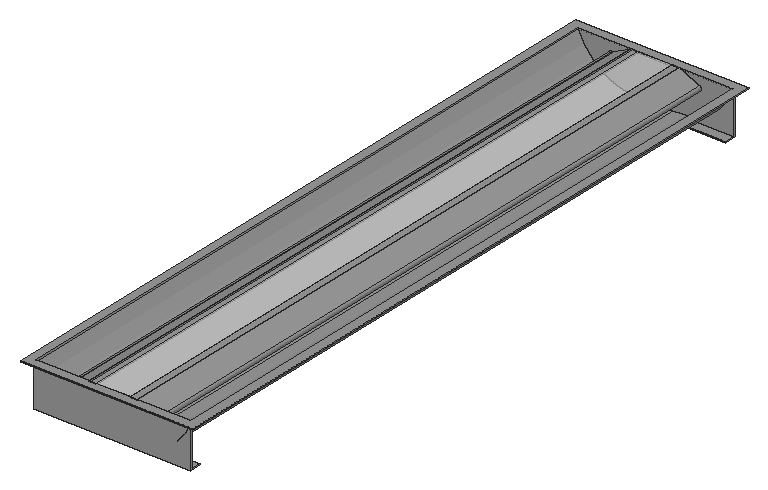
Revit family "0044288_recessed", category Lighting Fixtures, host Face, Revit 2018
Family settings
  Host = Face
  Round Connector Dimension = Use Diameter
  Part Type = Normal
  OmniClass Number = 23.80.70.11.17
  OmniClass Title = Specialized Lighting by Location or Use
  Cut with Voids When Loaded = No
  Light Source = Yes
  Shared = No
  Room Calculation Point = No
Parameters (values of type "0044288 RUBICO LED 1200 HE 4K DALI")
  Width = 1196.0 mm
  Weight = 4.6 kg
  Wattage Comments = ""
  Wattage = 23.6608 W
  built-in parameter 1150110 = 1 (stored number, unit not read)
  Voltage Comments = "UNI ( Universal Voltage; 230-240 Volt )"  # constant formula
  Voltage = 230 V  # constant formula
  URL = ""
  built-in parameter 1114217 = 1 (stored number, unit not read)
  Tilt Angle = -90.00°
  built-in parameter 1150109 = 1 (stored number, unit not read)
  built-in parameter 1150134 = (empty or 0)
  built-in parameter 1150113 = 1 (stored number, unit not read)
  Reflector Material = Steel_Sylvania_Rubico LED_White_RAL 9016
  Product Page URL = "http://www.sylvania-lighting.com/product/en-int/products/0044336"
  Product Family = "RUBICO LED - DALI DIMMABLE & EMERGENCY 3 HOUR"  # constant formula
  Photometry Comments = ""
  Photometric Web File = "0044288.ies"
  Life = "50 000h"  # constant formula
  Length = 296.0 mm
  LOR = "1"
  IP Rating = "IP20"  # constant formula
  IK Rating = "IK07"  # constant formula
  Housing Material = Steel_Sylvania_Rubico LED_White_RAL 9016
  Height = 75.0 mm
  Glow Wire Test = 850 °C  # constant formula
  Glare Control = "19>"  # constant formula
  Energy Class = "A++, A+, A"  # constant formula
  Emit from Rectangle Width = Cutout Length - 4.0 mm  # 266.0 mm
  Emit from Rectangle Length = Cutout Width - 4.0 mm  # 1166.0 mm
  Emit Shape Visible in Rendering = no
  Electrical Protection = "CLASS1"  # constant formula
  Drive Current = "700mA"  # constant formula
  Diffuser Width = Length - 236.0 mm  # 60.0 mm
  Diffuser 2 Material = Polycarbonate_Sylvania_Rubico LED_Clear
  Diffuser 1 Material = Steel_Sylvania_Rubico LED_White_RAL 9016
  Cutout Width = Width - 26.0 mm  # 1170.0 mm
  Cutout Length = Length - 26.0 mm  # 270.0 mm
  built-in parameter 1114216 [instance] = 1 (stored number, unit not read)
  Model = "RUBICO LED 1200x300 HE 4K DALI"
  Manufacturer = ""
  built-in parameter 1150105 = 152.44 (stored number, unit not read)
  Lumens = 1915.58 lm
  built-in parameter 1150115 = 1 (stored number, unit not read)
  built-in parameter 1150137 = (empty or 0)
  built-in parameter 1150139 = (empty or 0)
  built-in parameter 1150112 = 1 (stored number, unit not read)
  built-in parameter 1150114 = 1 (stored number, unit not read)
  Lamp = "n/a"
  built-in parameter 1150132 = 2
  built-in parameter 1150102 = (empty or 0)
  built-in parameter 1150107 = (empty or 0)
  built-in parameter 1150138 = (empty or 0)
  built-in parameter 1150106 = 1.5244 (stored number, unit not read)
  built-in parameter 1150104 = 7.5214 (stored number, unit not read)
  Dimming Lamp Color Temperature Shift = <None>
  Description = "Direct and Indirect light distribution. 31W - 46W LED recessed luminaire. Rubico LED Gen 2 is perfect for Office circulation areas, Corridors . Available with Micro Prismatic Optic (MPO) with satin side diffuser. Available in recessed (600x600 and 1200x300) . Rubico LED Gen 2 delivers high output up to 3,656lm (luminaire lumen output on 4,000K version). Rana LED delivers high efficiency up to 84lm/W (total system efficiency). Available in warm white (3,000K) and neutral white (4,000K). Energy efficient electronic gear including DALI and 3 hour emergency versions as standard. Long lifetime: 50,000 hours life at 70% of the original output L70. Less maintenance is required due to the long lifetime of 50,000hrs. Energy Class: A++, A+, A. LED technology provides an energy efficient solution with reduced maintenance costs. Comes complete with safety cable. Complete with protective film and quick connector for easy installation"  # constant formula
  Default Elevation = 0.0 mm
  Color Filter = 16777215
  Catalog Number = "0044336 RUBICO 300*1200 DALI E3 LED 4000 G2"
  built-in parameter 1140040 [instance] = 1
  CRI(Ra) = ">80"  # constant formula
  Body Material = Steel_Sylvania_Rubico LED_White_RAL 9016
  built-in parameter 1114218 = 1 (stored number, unit not read)
  built-in parameter 1150133 = 10 (stored number, unit not read)
  Assembly Code = "D5020200"
  Apparent Load Comments = ""
  Apparent Load = 0 VA
  Ambient temperature for maximum luminous flux (°C) = "25"  # constant formula
  Accessory Material = Steel_Sylvania_Rubico LED_White_RAL 9016
Reference planes
  plane 1 "Center (Front/Back)": y = 0
  plane 2: z = -5
  plane 3 "Center (Left/Right)": x = -27.322
  plane 4 "Housing Left": x = -162.322
  plane 5 "Housing Right": x = 107.678
  plane 6 "Housing Front": y = 585
  plane 7 "Housing Back": y = -585
  plane 8 "Fixture Right": x = 120.678
  plane 9 "Fixture Left": x = -175.322
  plane 10 "Fixture Front": y = 598
  plane 11 "Fixture Back": y = -598
  plane 12 "Fixture Top": z = -73
  plane 13 "Fixture Bottom": z = 0
  plane 14 "Profile Front": y = 583
  plane 15 "Profile Back": y = -583
  plane 16 "Profile Left": x = -160.322
  plane 17 "Profile Right": x = 105.678
  plane 18 "Diffuser Bottom": z = 0
  plane 19 "Diffuser Top": z = -2
  plane 20 "Accessory Left": x = -67.322
  plane 21 "Accessory Right": x = 12.678
  plane 22 "Diffuser Left": x = -57.322
  plane 23 "Diffuser Right": x = 2.678
  plane 24: z = -75
Forms (mm)
  Extrusion 1, void
    sketch origin (0, 0, 59) x (-1, 0, 0) y (0, -1, 0)
      loop
        line (-107.678, -585) -> (162.322, -585) -> (162.322, 585) -> (-107.678, 585) -> (-107.678, -585)
    from -132 to -61
  Extrusion 2, solid, material "Steel_Sylvania_Rubico LED_White_RAL 9016" <- "Housing Material", detail levels fine
    sketch origin (0, 0, 59) x (-1, 0, 0) y (0, -1, 0)
      loop
        line (175.322, -598) -> (175.322, 598) -> (-120.678, 598) -> (-120.678, -598) -> (175.322, -598)
      loop
        line (162.322, -585) -> (162.322, 585) -> (-107.678, 585) -> (-107.678, -585) -> (162.322, -585)
    from -61 to -59
  Extrusion 3, solid, material "Steel_Sylvania_Rubico LED_White_RAL 9016" <- "Housing Material", detail levels fine
    sketch origin (0, 0, 0) x (1, 0, 0) y (0, 0, 1)
      loop
        line (-57.322, -73) -> (2.678, -73)
        arc (2.678, -73) -> (66.054, -53.584) -> (107.678, -2) r 113.141
        line (107.678, -2) -> (107.678, 0) -> (105.678, 0) -> (105.678, -2)
        arc (105.678, -2) -> (64.666, -52.156) -> (2.678, -71) r 111.377
        line (2.678, -71) -> (-57.322, -71)
        arc (-57.322, -71) -> (-119.31, -52.156) -> (-160.322, -2) r 111.377
        line (-160.322, -2) -> (-160.322, 0) -> (-162.322, 0) -> (-162.322, -2)
        arc (-162.322, -2) -> (-120.698, -53.584) -> (-57.322, -73) r 113.141
    from -583 to 583
  Extrusion 4, solid, material "Steel_Sylvania_Rubico LED_White_RAL 9016" <- "Housing Material", detail levels fine
    sketch origin (0, 0, 0) x (1, 0, 0) y (0, 0, 1)
      loop
        line (107.678, 0) -> (-162.322, 0) -> (-162.322, -73) -> (107.678, -73) -> (107.678, 0)
    from 583 to 585
  Extrusion 5, solid, material "Steel_Sylvania_Rubico LED_White_RAL 9016" <- "Housing Material", detail levels fine
    sketch origin (0, 0, 0) x (1, 0, 0) y (0, 0, 1)
      loop
        line (-162.322, 0) -> (-162.322, -73) -> (107.678, -73) -> (107.678, 0) -> (-162.322, 0)
    from -585 to -583
  Extrusion 6, solid, material "Steel_Sylvania_Rubico LED_White_RAL 9016" <- "Diffuser 1 Material", detail levels fine
    sketch origin (0, 0, 0) x (1, 0, 0) y (0, 0, 1)
      loop
        line (12.678, 0) -> (12.678, -2) -> (14.734, -2) -> (47.833, -17.434)
        arc (47.833, -17.434) -> (49.284, -21.421) -> (45.297, -22.872) r 3
        line (45.297, -22.872) -> (44.452, -24.684)
        arc (44.452, -24.684) -> (51.096, -22.266) -> (48.678, -15.621) r 5
        line (48.678, -15.621) -> (15.178, 0) -> (12.678, 0)
      loop
        line (-67.322, 0) -> (-69.822, 0) -> (-103.322, -15.621)
        arc (-103.322, -15.621) -> (-105.741, -22.266) -> (-99.096, -24.684) r 5
        line (-99.096, -24.684) -> (-99.941, -22.872)
        arc (-99.941, -22.872) -> (-103.928, -21.421) -> (-102.477, -17.434) r 3
        line (-102.477, -17.434) -> (-69.379, -2) -> (-67.322, -2) -> (-67.322, 0)
    from -583 to 583
  Extrusion 7, solid, material "Steel_Sylvania_Rubico LED_White_RAL 9016" <- "Accessory Material", detail levels fine
    sketch origin (0, 0, 59) x (-1, 0, 0) y (0, -1, 0)
      loop
        line (57.322, -583) -> (67.322, -583) -> (67.322, 583) -> (57.322, 583) -> (57.322, -583)
      loop
        line (-2.678, -583) -> (-2.678, 583) -> (-12.678, 583) -> (-12.678, -583) -> (-2.678, -583)
    from -61 to -59
  Extrusion 8, solid, material "Polycarbonate_Sylvania_Rubico LED_Clear" <- "Diffuser 2 Material", detail levels fine
    sketch origin (0, 0, 59) x (-1, 0, 0) y (0, -1, 0)
      loop
        line (-2.678, -583) -> (57.322, -583) -> (57.322, 583) -> (-2.678, 583) -> (-2.678, -583)
    from -61 to -59
  Extrusion 9, solid, material "Steel_Sylvania_Rubico LED_White_RAL 9016" <- "Housing Material", detail levels coarse+medium
    sketch origin (0, 0, 59) x (-1, 0, 0) y (0, -1, 0)
      loop
        line (-120.678, -598) -> (175.322, -598) -> (175.322, 598) -> (-120.678, 598) -> (-120.678, -598)
    from -61 to -59
  Extrusion 10, solid, material "Steel_Sylvania_Rubico LED_White_RAL 9016" <- "Housing Material", detail levels coarse+medium
    sketch origin (0, 0, 0) x (1, 0, 0) y (0, 0, 1)
      loop
        line (-162.322, 0) -> (-162.322, -75) -> (107.678, -75) -> (107.678, 0) -> (-162.322, 0)
    from -585 to 585
  Extrusion 11, void
    sketch origin (0, 0, 59) x (-1, 0, 0) y (0, -1, 0)
      loop
        line (175.322, -598) -> (175.322, 598) -> (-120.678, 598) -> (-120.678, -598) -> (175.322, -598)
    from -61 to -59
  Extrusion 12, solid, material "Steel_Sylvania_Rubico LED_White_RAL 9016" <- "Housing Material", detail levels fine
    sketch origin (0, 0, 59) x (-1, 0, 0) y (0, -1, 0)
      loop
        line (162.322, -585) -> (162.322, -565) -> (-107.678, -565) -> (-107.678, -585) -> (162.322, -585)
      loop
        line (162.322, 585) -> (-107.678, 585) -> (-107.678, 565) -> (162.322, 565) -> (162.322, 585)
    from -134 to -132
Cuts and joins
  joined: Extrusion 2, Extrusion 3, Extrusion 4, Extrusion 5, Extrusion 12
  joined: Extrusion 9, Extrusion 10
Dimensions and locks
  equal spacing: plane 6 "Housing Front", plane 1 "Center (Front/Back)", plane 7 "Housing Back"
  equal spacing: plane 4 "Housing Left", plane 3 "Center (Left/Right)", plane 5 "Housing Right"
  "Cutout Length": plane 4 "Housing Left" to plane 5 "Housing Right"
  equal spacing: plane 9 "Fixture Left", plane 3 "Center (Left/Right)", plane 8 "Fixture Right"
  "Length": plane 9 "Fixture Left" to plane 8 "Fixture Right"
  equal spacing: plane 11 "Fixture Back", plane 1 "Center (Front/Back)", plane 10 "Fixture Front"
  "Width": plane 10 "Fixture Front" to plane 11 "Fixture Back"
  locked: plane 15 "Profile Back" to plane 7 "Housing Back" at 2
  locked: plane 14 "Profile Front" to plane 6 "Housing Front" at 2
  locked: plane 17 "Profile Right" to plane 5 "Housing Right" at 2
  locked: plane 4 "Housing Left" to plane 16 "Profile Left" at 2
  "Cutout Width": plane 6 "Housing Front" to plane 7 "Housing Back"
  equal spacing: plane 22 "Diffuser Left", plane 3 "Center (Left/Right)", plane 23 "Diffuser Right"
  "Diffuser Width": plane 22 "Diffuser Left" to plane 23 "Diffuser Right"
  plane 18 "Diffuser Bottom" to plane 19 "Diffuser Top" to plane 2 = 2.0 mm locked, 3.0 mm locked
  locked: Extrusion 6 sketch curve to Extrusion 6 sketch curve at 2  (x2)
  Extrusion 6 sketch curve to Extrusion 6 sketch curve to plane 20 "Accessory Left" = 33.5 mm locked, 2.5 mm locked
  Extrusion 6 sketch curve to Extrusion 6 sketch curve to plane 21 "Accessory Right" = 33.5 mm locked, 2.5 mm locked
  locked: plane 23 "Diffuser Right" to plane 21 "Accessory Right" at 10
  locked: plane 20 "Accessory Left" to plane 22 "Diffuser Left" at 10
  "Height": plane 18 "Diffuser Bottom" to plane 24
  locked: plane 6 "Housing Front" to Extrusion 12 sketch curve at 20
  locked: Extrusion 12 sketch curve to plane 7 "Housing Back" at 20
  locked: plane 12 "Fixture Top" to plane 24 at 2
  locked: Extrusion 3 sketch curve to plane 24 at 73  (x4)
  aligned and locked: host face to level
  aligned and locked: plane 6 "Housing Front" to Extrusion 1 sketch curve
  aligned and locked: plane 5 "Housing Right" to Extrusion 1 sketch curve
  aligned and locked: Extrusion 1 sketch curve to plane 7 "Housing Back"
  aligned and locked: Extrusion 1 sketch curve to plane 4 "Housing Left"
  aligned and locked: Extrusion 1 to plane 12 "Fixture Top"
  aligned and locked: Extrusion 2 sketch curve to plane 10 "Fixture Front"
  aligned and locked: plane 9 "Fixture Left" to Extrusion 2 sketch curve
  aligned and locked: Extrusion 2 sketch curve to plane 11 "Fixture Back"
  aligned and locked: Extrusion 2 sketch curve to plane 8 "Fixture Right"
  aligned and locked: plane 13 "Fixture Bottom" to Extrusion 2
  aligned and locked: plane 13 "Fixture Bottom" to Extrusion 4 sketch curve
  aligned and locked: Extrusion 4 to plane 7 "Housing Back"
  aligned and locked: Extrusion 4 to plane 15 "Profile Back"
  aligned and locked: Extrusion 5 sketch curve to plane 13 "Fixture Bottom"
  aligned and locked: plane 6 "Housing Front" to Extrusion 5
  aligned and locked: plane 14 "Profile Front" to Extrusion 5
  aligned and locked: Extrusion 7 sketch curve to plane 14 "Profile Front"
  aligned and locked: plane 22 "Diffuser Left" to Extrusion 7 sketch curve
  aligned and locked: Extrusion 6 to Extrusion 7 sketch curve
  aligned and locked: plane 14 "Profile Front" to Extrusion 7 sketch curve
  aligned and locked: Extrusion 7 sketch curve to plane 23 "Diffuser Right"
  aligned and locked: Extrusion 7 sketch curve to Extrusion 6  (x2)
  aligned and locked: plane 19 "Diffuser Top" to Extrusion 7
  aligned and locked: Extrusion 7 to plane 18 "Diffuser Bottom"
  aligned and locked: Extrusion 7 to Extrusion 8 sketch curve  (x2)
  aligned and locked: Extrusion 8 sketch curve to Extrusion 7  (x2)
  aligned and locked: plane 19 "Diffuser Top" to Extrusion 8
  aligned and locked: Extrusion 8 to plane 18 "Diffuser Bottom"
  aligned and locked: plane 13 "Fixture Bottom" to Extrusion 9
  aligned and locked: plane 3 "Center (Left/Right)" to imposter light
  aligned and locked: plane 1 "Center (Front/Back)" to imposter light
  aligned and locked: plane 13 "Fixture Bottom" to imposter light
  aligned and locked: Extrusion 10 sketch curve to imposter light
  aligned and locked: Extrusion 10 to plane 7 "Housing Back"
  aligned and locked: plane 6 "Housing Front" to Extrusion 10
  aligned and locked: Extrusion 11 sketch curve to plane 8 "Fixture Right"
  aligned and locked: plane 9 "Fixture Left" to Extrusion 11 sketch curve
  aligned and locked: Extrusion 11 sketch curve to plane 10 "Fixture Front"
  aligned and locked: Extrusion 11 sketch curve to plane 11 "Fixture Back"
  aligned and locked: level to Extrusion 11
  aligned and locked: level to plane 13 "Fixture Bottom"
  aligned and locked: Extrusion 7 sketch curve to plane 20 "Accessory Left"
  aligned and locked: Extrusion 6 sketch curve to plane 21 "Accessory Right"
  aligned and locked: Extrusion 6 sketch curve to plane 20 "Accessory Left"
  aligned and locked: plane 23 "Diffuser Right" to Extrusion 3 sketch curve
  aligned and locked: plane 22 "Diffuser Left" to Extrusion 3 sketch curve
  aligned and locked: Extrusion 3 sketch curve to plane 12 "Fixture Top"
  aligned and locked: Extrusion 10 sketch curve to plane 5 "Housing Right"
  aligned and locked: Extrusion 10 sketch curve to plane 4 "Housing Left"
  aligned and locked: Extrusion 4 sketch curve to plane 4 "Housing Left"
  aligned and locked: Extrusion 4 sketch curve to plane 5 "Housing Right"
  aligned and locked: Extrusion 2 sketch curve to Extrusion 10  (x3)
  aligned and locked: Extrusion 2 sketch curve to Extrusion 4
  aligned and locked: Extrusion 3 sketch curve to plane 17 "Profile Right"
  aligned and locked: Extrusion 3 sketch curve to plane 5 "Housing Right"
  aligned and locked: host face to Extrusion 3 sketch curve
  aligned and locked: Extrusion 3 sketch curve to plane 4 "Housing Left"
  aligned and locked: Extrusion 3 sketch curve to plane 16 "Profile Left"
  aligned and locked: Extrusion 2 to Extrusion 3 sketch curve
  aligned and locked: Extrusion 5 sketch curve to plane 4 "Housing Left"
  aligned and locked: Extrusion 5 sketch curve to plane 5 "Housing Right"
  aligned and locked: plane 19 "Diffuser Top" to cut or joined group of Extrusion 2, Extrusion 3, Extrusion 4, Extrusion 5, Extrusion 12
  aligned and locked: plane 19 "Diffuser Top" to Extrusion 9
  aligned and locked: plane 19 "Diffuser Top" to Extrusion 11
  aligned and locked: Extrusion 1 to plane 19 "Diffuser Top"
  aligned and locked: Extrusion 12 sketch curve to plane 6 "Housing Front"
  aligned and locked: Extrusion 12 to plane 24
  aligned and locked: plane 12 "Fixture Top" to Extrusion 12
  aligned and locked: plane 4 "Housing Left" to Extrusion 12 sketch curve  (x2)
  aligned and locked: Extrusion 12 sketch curve to plane 5 "Housing Right"
  aligned and locked: Extrusion 5 sketch curve to plane 12 "Fixture Top"
  aligned and locked: Extrusion 4 sketch curve to plane 12 "Fixture Top"
  aligned and locked: Extrusion 12 sketch curve to plane 7 "Housing Back"
  aligned and locked: plane 5 "Housing Right" to Extrusion 12 sketch curve
  aligned and locked: Extrusion 10 sketch curve to plane 24
  aligned and locked: plane 16 "Profile Left" to Extrusion 3 sketch curve
  aligned and locked: plane 4 "Housing Left" to Extrusion 3 sketch curve
  aligned and locked: plane 5 "Housing Right" to Extrusion 3 sketch curve
  aligned and locked: plane 17 "Profile Right" to Extrusion 3 sketch curve
  aligned and locked: plane 14 "Profile Front" to cut or joined group of Extrusion 2, Extrusion 3, Extrusion 4, Extrusion 5, Extrusion 12
  aligned and locked: plane 15 "Profile Back" to Extrusion 3
  aligned and locked: Extrusion 3 to Extrusion 4
  aligned and locked: plane 15 "Profile Back" to Extrusion 6
  aligned and locked: Extrusion 6 to plane 14 "Profile Front"
  aligned and locked: Extrusion 3 to plane 14 "Profile Front"
Automatic sketch dimensions
  host sketch curve to host sketch curve = 1874.119 mm
  host sketch curve to host sketch curve = 1731.672 mm
  Extrusion 9 sketch curve to plane 8 "Fixture Right" = 0.0 mm
  Extrusion 9 sketch curve to plane 9 "Fixture Left" = 0.0 mm
  Extrusion 9 sketch curve to plane 10 "Fixture Front" = 0.0 mm
  plane 11 "Fixture Back" to Extrusion 9 sketch curve = 0.0 mm
  Extrusion 6 sketch curve to Extrusion 6 sketch curve = 0.0 mm  (x5)
  Extrusion 6 sketch curve to level = 0.0 mm  (x2)
  Extrusion 6 sketch curve to plane 19 "Diffuser Top" = 0.0 mm  (x2)
  Extrusion 6 sketch curve to Extrusion 6 sketch curve = 0.443 mm  (x2)
  Extrusion 6 sketch curve to Extrusion 6 sketch curve = 4.226 mm  (x2)
  Extrusion 6 sketch curve to plane 2 = 12.434 mm  (x2)
  Extrusion 6 sketch curve to Extrusion 6 sketch curve = 1.268 mm  (x2)
  Extrusion 3 sketch curve to plane 22 "Diffuser Left" = 0.0 mm
  plane 23 "Diffuser Right" to Extrusion 3 sketch curve = 0.0 mm
  Extrusion 3 sketch curve to Extrusion 3 sketch curve = 2.0 mm
  Extrusion 6 sketch curve to plane 20 "Accessory Left" = 32.619 mm
  Extrusion 6 sketch curve to Extrusion 6 sketch curve = 0.845 mm
  Extrusion 6 sketch curve to Extrusion 6 sketch curve = 7.25 mm
  Extrusion 6 sketch curve to plane 2 = 19.684 mm
Connectors
  electrical at (-27.322, 0, -73), driven by "Voltage", driven by "Apparent Load"
    settings: index 1, voltage 230 V, apparent load 0 VA, apparent load phase1 0 VA, apparent load phase2 0 VA, apparent load phase3 0 VA, power factor 1, load classification "Lighting", number of poles 1, system type 31, power factor state 1, is connector primary yes, connector utility no, sub classification motor no, connector description ""
